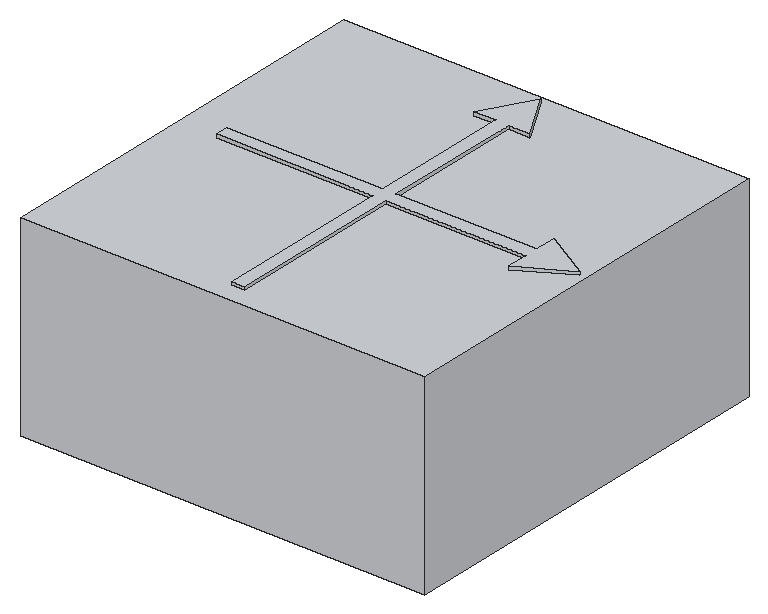
Revit family "Рекуператор планстинчатый WREC", category Оборудование, Revit 2022
Family settings
  Размер круглого соединителя = Использовать диаметр
  Тип детали = Нормальный
  На основе рабочей плоскости = Нет
  Всегда вертикально = Нет
  При загрузке вырезать с полостями = Нет
  Сохранять ориентацию аннотаций = Нет
  Общий = Нет
  Точка принадлежности помещению = Нет
Parameters (values of type "WREC 60-30")
  Ширина Д = 622 mm
  Отметка по умолчанию = 0 mm
  Изготовитель = "WAER"  # constant formula
  Keynote = ""
  URL = "https://waer-air.com/"
  ADSK_Система_Имя [instance] = ""
  ADSK_Расход воздуха приточный = 0.0 m³/s
  ADSK_Расход воздуха вытяжной = 0.0 m³/s
  ADSK_Размер_Ширина = 600 mm
  ADSK_Размер_Высота = 300 mm
  ADSK_Потеря давления воздуха приток = 0.0 Pa
  ADSK_Потеря давления воздуха вытяжка = 0.0 Pa
  ADSK_Наименование краткое = "WREC 60-30"
  ADSK_Наименование = "Рекуператор пластинчатый WREC 60-30"
  ADSK_Масса_Текст = "29.7"
  ADSK_Масса = 29.7
  ADSK_Марка = ""
  ADSK_Количество = 1  # constant formula
  ADSK_Код изделия = ""
  ADSK_Завод-изготовитель = "WAER"  # constant formula
  ADSK_Единица измерения = "шт."  # constant formula
Types (9, lengths in mm): name | Ширина Д | ADSK_Размер_Ширина | ADSK_Размер_Высота | ADSK_Наименование краткое | ADSK_Наименование | ADSK_Масса_Текст | ADSK_Масса
  WREC 40-20 | 442 | 400 | 200 | "WREC 40-20" | "Рекуператор пластинчатый WREC 40-20" | "16.7" | 16.7
  WREC 50-25 | 522 | 500 | 250 | "WREC 50-25" | "Рекуператор пластинчатый WREC 50-25" | "25.7" | 25.7
  WREC 50-30 | 622 | 500 | 300 | "WREC 50-30" | "Рекуператор пластинчатый WREC 50-30" | "27.4" | 27.4
  WREC 60-30 | 622 | 600 | 300 | "WREC 60-30" | "Рекуператор пластинчатый WREC 60-30" | "29.7" | 29.7
  WREC 60-35 | 722 | 600 | 350 | "WREC 60-35" | "Рекуператор пластинчатый WREC 60-35" | "31.7" | 31.7
  WREC 70-40 | 822 | 700 | 400 | "WREC 70-40" | "Рекуператор пластинчатый WREC 70-40" | "39.6" | 39.6
  WREC 80-50 | 1022 | 800 | 500 | "WREC 80-50" | "Рекуператор пластинчатый WREC 80-50" | "52.1" | 52.1
  WREC 90-50 | 1022 | 900 | 500 | "WREC 90-50" | "Рекуператор пластинчатый WREC 90-50" | "65.2" | 65.2
  WREC 100-50 | 1122 | 1000 | 500 | "WREC 100-50" | "Рекуператор пластинчатый WREC 100-50" | "72.3" | 72.3
Reference planes
  plane 1 "По центру (Вперед/Назад)": y = 0
  plane 2: z = 0
  plane 3 "По центру (Влево/Вправо)": x = 0
  plane 4: x = -311
  plane 5: x = 311
  plane 6: y = 311
  plane 7: y = -311
  plane 8: z = 150
  plane 9: z = -150
  plane 10: z = 155
Forms (mm)
  Extrusion 1, solid
    sketch origin (0, 0, 0) x (1, 0, 0) y (0, 1, 0)
      loop
        line (-311, 311) -> (-311, -311) -> (311, -311) -> (311, 311) -> (-311, 311)
    from -150 to 150
  Extrusion 2, solid
    sketch origin (0, 0, 0) x (1, 0, 0) y (0, 1, 0)
      loop
        line (0, 301) -> (-43.301, 226) -> (-10, 226) -> (-10, 10) -> (-250, 10) -> (-250, -10) -> (-10, -10) -> (-10, -280) -> (10, -280) -> (10, -10) -> (226, -10) -> (226, -43.301) -> (301, 0) -> (226, 43.301) -> (226, 10) -> (10, 10) -> (10, 226) -> (43.301, 226) -> (0, 301)
    from 150 to 155
Dimensions and locks
  equal spacing: plane 4, plane 3 "По центру (Влево/Вправо)", plane 5
  "Ширина Д": plane 4 to plane 5
  equal spacing: plane 6, plane 1 "По центру (Вперед/Назад)", plane 7
  "Ширина Д": plane 6 to plane 7
  equal spacing: plane 8, plane 2, plane 9
  "ADSK_Размер_Высота": plane 8 to plane 9
  locked: plane 10 to plane 8 at 5
  aligned and locked: level to plane 2
  aligned and locked: Extrusion 1 sketch curve to plane 6
  aligned and locked: plane 4 to Extrusion 1 sketch curve
  aligned and locked: plane 7 to Extrusion 1 sketch curve
  aligned and locked: Extrusion 1 sketch curve to plane 5
  aligned and locked: plane 8 to Extrusion 1
  aligned and locked: plane 9 to Extrusion 1
  aligned and locked: plane 10 to Extrusion 2
  aligned and locked: Extrusion 2 to Extrusion 1
Automatic sketch dimensions
  Extrusion 2 sketch curve to plane 3 "По центру (Влево/Вправо)" = 0 mm
  plane 1 "По центру (Вперед/Назад)" to Extrusion 2 sketch curve = 0 mm
  Extrusion 2 sketch curve to plane 3 "По центру (Влево/Вправо)" = 10 mm  (x2)
  Extrusion 2 sketch curve to Extrusion 2 sketch curve = 33.301 mm  (x3)
  plane 1 "По центру (Вперед/Назад)" to Extrusion 2 sketch curve = 10 mm  (x2)
  plane 4 to Extrusion 2 sketch curve = 61 mm
  plane 3 "По центру (Влево/Вправо)" to Extrusion 2 sketch curve = 10 mm  (x2)
  Extrusion 2 sketch curve to plane 5 = 85 mm
  Extrusion 2 sketch curve to Extrusion 2 sketch curve = 0 mm  (x2)
  Extrusion 2 sketch curve to plane 5 = 10 mm
  plane 1 "По центру (Вперед/Назад)" to Extrusion 2 sketch curve = 43.301 mm
  plane 7 to Extrusion 2 sketch curve = 31 mm
  Extrusion 2 sketch curve to plane 1 "По центру (Вперед/Назад)" = 10 mm  (x2)
  Extrusion 2 sketch curve to plane 6 = 85 mm
  Extrusion 2 sketch curve to plane 6 = 10 mm
Connectors
  hvac at (311, 0, 0), driven by "ADSK_Размер_Высота", driven by "ADSK_Размер_Ширина"
    settings: on Extrusion 1, index 1, duct flow 0.0 m³/s, flow factor 0, pres drop 0.0 Pa, loss coef 0, conn angle 0.00°, conn width 600 mm, conn height 300 mm, conn diameter 609.6 mm, duct sys type 3, conn prof type 1, flow config 0, flow direction 2, loss method 0, conn ref index 3, conn util no, is conn primary yes, conn desc ""
  hvac at (0, 311, 0), driven by "ADSK_Размер_Высота", driven by "ADSK_Размер_Ширина"
    settings: on Extrusion 1, index 2, duct flow 0.0 m³/s, flow factor 0, pres drop 0.0 Pa, loss coef 0, conn angle 0.00°, conn width 600 mm, conn height 300 mm, conn diameter 609.6 mm, duct sys type 1, conn prof type 1, flow config 0, flow direction 2, loss method 0, conn ref index 4, conn util no, is conn primary no, conn desc ""
  hvac at (-311, 0, 0), driven by "ADSK_Размер_Высота", driven by "ADSK_Размер_Ширина"
    settings: on Extrusion 1, index 3, duct flow 0.0 m³/s, flow factor 0, pres drop 0.0 Pa, loss coef 0, conn angle 0.00°, conn width 600 mm, conn height 300 mm, conn diameter 609.6 mm, duct sys type 3, conn prof type 1, flow config 0, flow direction 1, loss method 0, conn ref index 1, conn util no, is conn primary no, conn desc ""
  hvac at (0, -311, 0), driven by "ADSK_Размер_Высота", driven by "ADSK_Размер_Ширина"
    settings: on Extrusion 1, index 4, duct flow 0.0 m³/s, flow factor 0, pres drop 0.0 Pa, loss coef 0, conn angle 0.00°, conn width 600 mm, conn height 300 mm, conn diameter 609.6 mm, duct sys type 1, conn prof type 1, flow config 0, flow direction 1, loss method 0, conn ref index 2, conn util no, is conn primary no, conn desc ""
